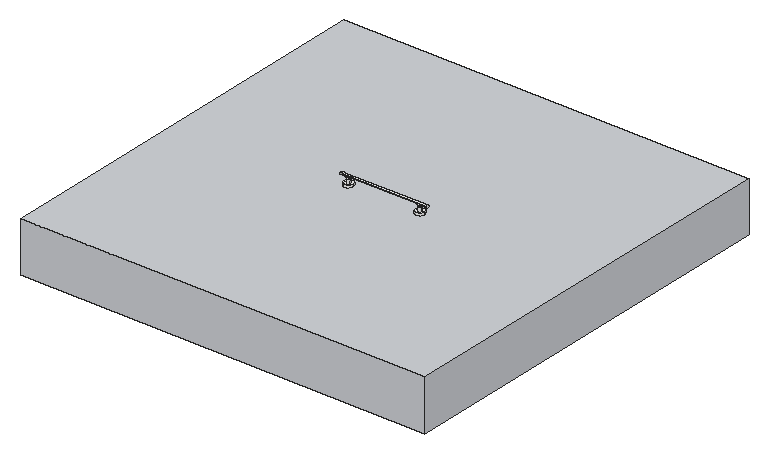
Revit family "Towel_Bar-Grohe-BauCosmopolitan-40459001", category Specialty Equipment, host Face, Revit 2019
Family settings
  Host = Face
  Round Connector Dimension = Use Diameter
  Part Type = Normal
  OmniClass Number = 23.40.20.21.27
  OmniClass Title = Towel Bars
  Cut with Voids When Loaded = No
  Shared = Yes
  Room Calculation Point = No
Parameters (values of type "40459001")
  Width = 16 119/128"  # constant formula
  URL = "https://www.grohe.us"
  Type Comments = ""
  Revised Date = "10/25/2021"  # constant formula
  Product Page URL = "https://www.grohe.us/Towel-Bars/20-Inch-Towel-Bar/GROHE-CHROME-40459001"
  Product Documentation Link = "https://americanstandard.box.com/shared/static/tu0bqy7fq5prwn5fuit4pb8k2l6kfabk.pdf"
  Price = "Prices may vary. Please consult Manufacturer Representative for most up-to-date price list."  # constant formula
  Model = "40459001"
  Material = "Metal-Grohe-001-StarLight Chrome"
  Manufacturer = "Grohe"
  Length = 2 21/128"  # constant formula
  Installation Type = "Wall Mounted"
  Installation Instruction Link = "https://americanstandard.box.com/shared/static/sk9q9y4w1xyqp0ov1nmv4a7ojw6ma76n.pdf"
  Height = 2 1/8"  # constant formula
  Finish = Metal-Grohe-001-StarLight Chrome
  Description = "BauCosmopolitan Towel Rail"
  Default Elevation = 40"  # constant formula
  Creation Date = "8/29/2017"  # constant formula
  Assembly Code = "C1030200"
Reference planes (in)
  plane 1 "Center (Front/Back)": y = 0
  plane 2: z = 0
  plane 3 "Center (Left/Right)": x = 0
  plane 4: x = 8.46484
  plane 5: x = -8.46484
  plane 6: z = 2.16406
  plane 7: x = 10.27559
  plane 8: x = -10.27559
Forms (in)
  Extrusion 1, solid
    sketch origin (0, 0, 0) x (1, 0, 0) y (0, 1, 0)
      loop
        line (-48, 48) -> (-48, -48) -> (48, -48) -> (48, 48) -> (-48, 48)
    from 0 to -12
  Revolve 2, solid, material "Metal-Grohe-001-StarLight Chrome" <- "Finish"
    sketch origin (0, -0.00006, 0) x (-1, 0, 0) y (0, 0, 1)
      loop
        line (9.52789, 0) -> (9.52789, 0.3937) -> (8.81313, 0.3937) -> (8.81313, 1.32976)
        arc (8.81313, 1.32976) -> (8.80565, 1.44378) -> (8.78336, 1.55585) r 0.87355
        line (8.78336, 1.55585) -> (8.64607, 2.06824) -> (8.46484, 2.06824) -> (8.46484, 0) -> (9.52789, 0)
      axis (8.46484, 2.06824) -> (8.46484, 0)
    angle from 0 to 360
  Extrusion 3, solid, material "Metal-Grohe-001-StarLight Chrome" <- "Finish"
    sketch origin (0, -5.35433, -0.03906) x (0, 1, 0) y (0, 0, 1)
      loop
        circle (5.35433, 1.9685) r 0.23622
    from -10.27559 to 10.27559
  Revolve 4, solid, material "Metal-Grohe-001-StarLight Chrome" <- "Finish"
    sketch origin (0, -0.00006, 0) x (1, 0, 0) y (0, 0, 1)
      loop
        line (9.52789, 0) -> (9.52789, 0.3937) -> (8.81313, 0.3937) -> (8.81313, 1.32976)
        arc (8.81313, 1.32976) -> (8.80565, 1.44378) -> (8.78336, 1.55585) r 0.87355
        line (8.78336, 1.55585) -> (8.64607, 2.06824) -> (8.46484, 2.06824) -> (8.46484, 0) -> (9.52789, 0)
      axis (8.46484, 2.06824) -> (8.46484, 0)
    angle from 0 to 360
Cuts and joins
  joined: Revolve 2, Extrusion 3, Revolve 4
Lines and regions (in)
  Masking region 1
    outline origin (0, 0, 0) x (1, 0, 0) y (0, 0, 1)
      loop
        line (9.52789, 0) -> (9.52789, 0.3937) -> (8.81313, 0.3937) -> (8.81313, 1.41731) -> (8.74655, 1.69322) -> (10.27559, 1.69322) -> (10.27559, 2.16566) -> (-10.27559, 2.16566) -> (-10.27559, 1.69322) -> (-8.74655, 1.69322) -> (-8.81313, 1.41731) -> (-8.81313, 0.3937) -> (-9.52789, 0.3937) -> (-9.52789, 0) -> (-7.4018, 0) -> (-7.4018, 0.3937) -> (-8.11656, 0.3937) -> (-8.11656, 1.41731) -> (-8.18314, 1.69322) -> (8.18314, 1.69322) -> (8.11656, 1.41731) -> (8.11656, 0.3937) -> (7.4018, 0.3937) -> (7.4018, 0) -> (9.52789, 0)
  symbolic lines, detail levels medium+fine
    curve 1: arc (8.74655, 0, 1.69322) -> (8.46484, 0, 1.87855) -> (8.18314, 0, 1.69322) r 0.30677
    curve 3: arc (-8.74655, 0, 1.69322) -> (-8.46484, 0, 1.87855) -> (-8.18314, 0, 1.69322) r 0.30677
  symbolic lines, style "PlumbingFixtures", detail levels fine
    curve 2: line (8.81313, 0, 0.3937) -> (8.11656, 0, 0.3937)
    curve 4: line (-8.81313, 0, 0.3937) -> (-8.11656, 0, 0.3937)
Dimensions and locks (in)
  equal spacing: plane 5, plane 3 "Center (Left/Right)", plane 4
  "Width": plane 5 to plane 4
  "Length": level to plane 6
  equal spacing: plane 8, plane 3 "Center (Left/Right)", plane 7
  plane 8 to plane 7 = 20.55118"
  aligned and locked: plane 2 to Extrusion 1
  aligned and locked: level to Extrusion 1
  aligned and locked: cut or joined group of Revolve 2, Extrusion 3, Revolve 4 to plane 7
  aligned and locked: cut or joined group of Revolve 2, Extrusion 3, Revolve 4 to plane 8
Automatic sketch dimensions
  Extrusion 1 sketch curve to Extrusion 1 sketch curve = 96"  (x2)
  Revolve 2 sketch curve to level = 0"
  Revolve 2 sketch curve to plane 5 = 0"  (x2)
  Revolve 2 sketch curve to plane 5 = 0.52526"
  plane 5 to Revolve 2 sketch curve = 0.18122"
  plane 5 to Revolve 2 sketch curve = 0.31852"
  Revolve 2 sketch curve to Revolve 2 sketch curve = 0.02977"
  Revolve 2 sketch curve to Revolve 2 sketch curve = 0.71477"
  Revolve 2 sketch curve to level = 0.3937"
  plane 6 to Revolve 2 sketch curve = 0.09582"
  Revolve 4 sketch curve to level = 0"
  plane 4 to Revolve 4 sketch curve = 0"  (x2)
  plane 4 to Revolve 4 sketch curve = 0.52526"
  Revolve 4 sketch curve to plane 4 = 0.18122"
  Revolve 4 sketch curve to plane 4 = 0.31852"
  Revolve 4 sketch curve to Revolve 4 sketch curve = 0.02977"
  Revolve 4 sketch curve to Revolve 4 sketch curve = 0.71477"
  level to Revolve 4 sketch curve = 0.3937"
  Revolve 4 sketch curve to plane 6 = 0.09582"
  plane 6 to Revolve 2 sketch curve = 0.8343"
  Extrusion 3 sketch curve to plane 6 = 0.23462"
  Revolve 4 sketch curve to plane 6 = 0.8343"
  Revolve 2 sketch curve to plane 6 = 1 3/4"
  Revolve 2 sketch curve to Revolve 2 sketch curve = 1 1/4"
  plane 6 to Revolve 4 sketch curve = 1 3/4"
  Revolve 4 sketch curve to Revolve 4 sketch curve = 1 1/4"
  curve 3 to plane 5 = 0"
  plane 4 to curve 1 = 0"
  curve 3 to plane 6 = 0.59227"
  curve 1 to plane 6 = 0.59227"
  curve 3 to plane 5 = 0.28171"
  curve 4 to plane 5 = 0.34828"
  plane 5 to curve 3 = 0.28171"
  plane 5 to curve 4 = 0.34828"
  plane 4 to curve 2 = 0.34828"
  plane 4 to curve 1 = 0.28171"
  curve 1 to plane 4 = 0.28171"
  curve 2 to plane 4 = 0.34828"
  level to curve 4 = 0.3937"
  level to curve 2 = 0.3937"
  curve 3 to curve 3 = 0.12143"
  curve 1 to curve 1 = 0.12143"
  Masking region 1 sketch curve to plane 8 = 0"
  Masking region 1 sketch curve to level = 0"  (x2)
  plane 7 to Masking region 1 sketch curve = 0"
  plane 8 to Masking region 1 sketch curve = 0.7477"
  Masking region 1 sketch curve to plane 5 = 0.34828"
  Masking region 1 sketch curve to plane 5 = 0.28171"
  plane 5 to Masking region 1 sketch curve = 0.28171"
  Masking region 1 sketch curve to Masking region 1 sketch curve = 0.06657"  (x2)
  Masking region 1 sketch curve to Masking region 1 sketch curve = 0.71477"
  plane 4 to Masking region 1 sketch curve = 1.06305"
  plane 4 to Masking region 1 sketch curve = 0.34828"
  plane 4 to Masking region 1 sketch curve = 0.28171"
  Masking region 1 sketch curve to plane 4 = 0.28171"
  plane 7 to Masking region 1 sketch curve = 0.7477"
  level to Masking region 1 sketch curve = 0.3937"  (x4)
  Masking region 1 sketch curve to plane 6 = 0.74675"  (x2)
  Masking region 1 sketch curve to Masking region 1 sketch curve = 0"  (x2)
  Masking region 1 sketch curve to Masking region 1 sketch curve = 0.27591"  (x3)
  plane 6 to Masking region 1 sketch curve = 0.0016"
  Extrusion 3 sketch curve to plane 1 "Center (Front/Back)" = 0"
  radius of Extrusion 3 sketch curve = 0.23622"
